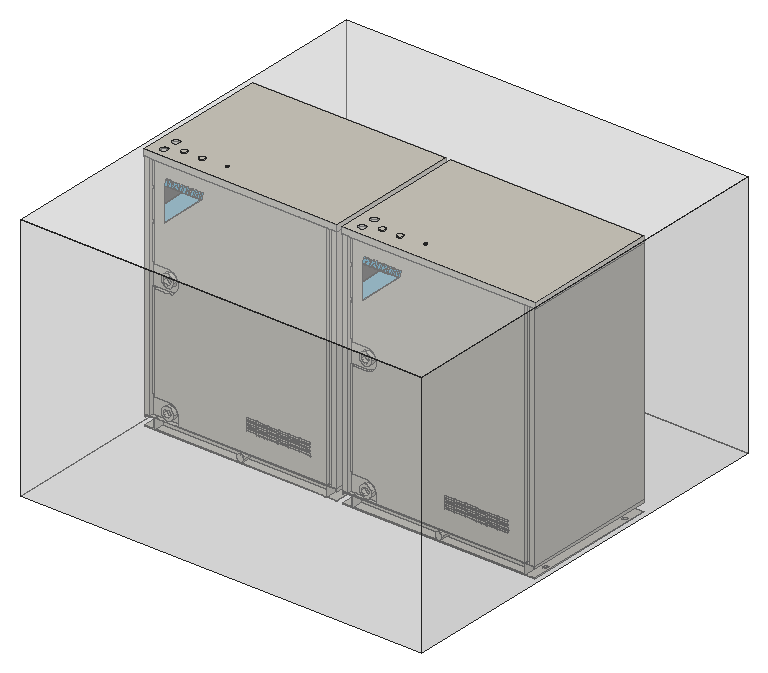
Revit family "outputfile", category 機械設備, Revit 2024
Family settings
  丸型コネクタ寸法 = 半径を使用
  種別 = なし
  パーツ タイプ = 標準
  OmniClass 番号 = 23.75.10.24.21.27.27
  OmniClass タイトル = Split System Air Conditioning Units
  作業面ベース = いいえ
  常に垂直 = はい
  ロード時にボイドで切り取り = いいえ
  注釈の向きを維持 = いいえ
  共有 = いいえ
  部屋計算ポイント = いいえ
Parameters (values of type "RWEYQ20TY14")
  製造元 = "Daikin"
  書き出し IFC クラス(タイプ) = "IfcUnitaryEquipmentType"
  定義済み IFC タイプ(タイプ) = "AIRCONDITIONINGUNIT"
  モデル = "RWEYQ20TY14"
  w_unit2 = 780.0 mm
  w_unit1 = 780.0 mm
  switch_unit2_6-8 [instance] = if(Reverse_ModuleSequence, if(default_unit1 = 1, 1 = 1, 1 = 0), if(default_unit2 = 1, 1 = 1, 1 = 0))  # no
  switch_unit2_12 [instance] = if(Reverse_ModuleSequence, if(default_unit1 = 3, 1 = 1, 1 = 0), if(default_unit2 = 3, 1 = 1, 1 = 0))  # no
  switch_unit2_10 [instance] = if(Reverse_ModuleSequence, if(default_unit1 = 2, 1 = 1, 1 = 0), if(default_unit2 = 2, 1 = 1, 1 = 0))  # yes
  switch_unit1_6-8 [instance] = if(Reverse_ModuleSequence, if(default_unit2 = 1, 1 = 1, 1 = 0), if(default_unit1 = 1, 1 = 1, 1 = 0))  # no
  switch_unit1_12 [instance] = if(Reverse_ModuleSequence, if(default_unit2 = 3, 1 = 1, 1 = 0), if(default_unit1 = 3, 1 = 1, 1 = 0))  # no
  switch_unit1_10 [instance] = if(Reverse_ModuleSequence, if(default_unit2 = 2, 1 = 1, 1 = 0), if(default_unit1 = 2, 1 = 1, 1 = 0))  # yes
  rangle_Drain [instance] = if(Rear Connection_Drain, 180.00°, 0.00°)  # 0.00°
  r_Water Outlet Pipe Connection_unit2 [instance] = Water Outlet Pipe Connection_Unit2 / 2  # 15.9 mm
  r_Water Outlet Pipe Connection_unit1 [instance] = Water Outlet Pipe Connection_Unit1 / 2  # 15.9 mm
  r_Water Inlet Pipe Connection_unit2 [instance] = Water Inlet Pipe Connection_Unit2 / 2  # 15.9 mm
  r_Water Inlet Pipe Connection_unit1 [instance] = Water Inlet Pipe Connection_Unit1 / 2  # 15.9 mm
  r_Liquid Pipe Size_unit2 [instance] = Liquid Pipe Size_Unit 2 / 2  # 4.75 mm
  r_HP/LP Gas Pipe Size_unit2 [instance] = [HP/LP Gas Pipe Size_Unit 2] / 2  # 11.1 mm
  r_HP/LP Gas Pipe Size_unit1 [instance] = [HP/LP Gas Pipe Size_Unit 1] / 2  # 11.1 mm
  r_Gas Pipe Size_unit2 [instance] = Gas Pipe Size_Unit 2 / 2  # 11.1 mm
  r_Drain Pipe Size = Drain Pipe Size / 2  # 6.35 mm
  lw_powersupply2 = 51.0 mm
  lw_liquidpipe2 = 274.0 mm
  lw_gaspipe2 [instance] = if(Heat Pump, 107.0 mm, 178.0 mm)  # 107.0 mm
  lw_Water Outlet2 = 95.0 mm
  lw_Water Outlet1 = 95.0 mm
  lw_Water Inlet2 = 95.0 mm
  lw_Water Inlet1 = 95.0 mm
  lw_HP/LP Gas Pipe2 [instance] = if(Heat Pump, 178.0 mm, 107.0 mm)  # 178.0 mm
  lw_HP/LP Gas Pipe1 [instance] = if(Heat Pump, 178.0 mm, 107.0 mm)  # 178.0 mm
  lw_Drain2 = 390.0 mm
  lw_Drain1 = 390.0 mm
  ld_HP/LP Gas Pipe = 69.0 mm
  h_mountinghole = [h_***] + 2.3 mm  # 2.3 mm
  r_Liquid Pipe Size_unit1 [instance] = Liquid Pipe Size_Unit 1 / 2  # 4.75 mm
  r_Gas Pipe Size_unit1 [instance] = Gas Pipe Size_Unit 1 / 2  # 11.1 mm
  distance_unit1-2 [instance] = 20.0 mm
  default_unit2 = 2
  default_unit1 = 2
  default_Water Outlet Pipe Connection_Unit 2 = 31.8 mm
  default_Water Outlet Pipe Connection_Unit 1 = 31.8 mm
  default_Water Inlet Pipe Connection_Unit 2 = 31.8 mm
  default_Water Inlet Pipe Connection_Unit 1 = 31.8 mm
  default_Model_Unit 2 = "RWEYQ10TY14"
  default_Model_Unit 1 = "RWEYQ10TY14"
  default_Liquid Pipe Size_Unit 2 = 9.5 mm
  default_Liquid Pipe Size_Unit 1 = 9.5 mm
  default_HP/LP Gas Pipe Size_Unit 2 [instance] = if(and(Heat Pump, [switch_unit2_6-8]), 19.1 mm, if(and(Heat Pump, switch_unit2_10), 22.2 mm, if(and(Heat Pump, switch_unit2_12), 22.2 mm, if(and(Heat Recovery, [switch_unit2_6-8]), 15.9 mm, if(and(Heat Recovery, switch_unit2_10), 19.1 mm, if(and(Heat Recovery, switch_unit2_12), 19.1 mm, 19.1 mm))))))  # 22.2 mm
  default_HP/LP Gas Pipe Size_Unit 1 [instance] = if(and(Heat Pump, [switch_unit1_6-8]), 19.1 mm, if(and(Heat Pump, switch_unit1_10), 22.2 mm, if(and(Heat Pump, switch_unit1_12), 22.2 mm, if(and(Heat Recovery, [switch_unit1_6-8]), 15.9 mm, if(and(Heat Recovery, switch_unit1_10), 19.1 mm, if(and(Heat Recovery, switch_unit1_12), 19.1 mm, 19.1 mm))))))  # 22.2 mm
  default_Gas Pipe Size_Unit 2 = 22.2 mm
  default_Gas Pipe Size_Unit 1 = 22.2 mm
  Water Outlet Pipe Connection_Unit2 [instance] = if(Reverse_ModuleSequence, default_Water Inlet Pipe Connection_Unit 1, default_Water Inlet Pipe Connection_Unit 2)  # 31.8 mm
  Water Outlet Pipe Connection_Unit1 [instance] = if(Reverse_ModuleSequence, default_Water Outlet Pipe Connection_Unit 2, default_Water Outlet Pipe Connection_Unit 1)  # 31.8 mm
  Water Inlet Pipe Connection_Unit2 [instance] = if(Reverse_ModuleSequence, default_Water Outlet Pipe Connection_Unit 1, default_Water Outlet Pipe Connection_Unit 2)  # 31.8 mm
  Water Inlet Pipe Connection_Unit1 [instance] = if(Reverse_ModuleSequence, default_Water Inlet Pipe Connection_Unit 2, default_Water Inlet Pipe Connection_Unit 1)  # 31.8 mm
  Voltage_comment_50Hz = "380-415"
  Voltage_50Hz = 400 V
  Top Connection_powersupply2 [instance] = not(Top Connection_powersupply1)  # no
  Sound Power Level (dB) = 74
  Reverse_ModuleSequence [instance] = no
  Rear Connection_Drain [instance] = not(Front Connection_Drain)  # no
  Power Input (Heating) = 11.200 kW
  Phase_50Hz = 3
  Nominal Heating Capacity = 63.000 kW
  Model_Unit 2 [instance] = if(Reverse_ModuleSequence, default_Model_Unit 1, default_Model_Unit 2)  # "RWEYQ10TY14"
  Model_Unit 1 [instance] = if(Reverse_ModuleSequence, default_Model_Unit 2, default_Model_Unit 1)  # "RWEYQ10TY14"
  Minimum Circuit Amps_50Hz = 27.3 A
  Maximum Fuse Amps_50Hz = 35.0 A
  Material_Heat Exchanger = DAIKIN_Blue_HE_outdoorunit
  Material_Casing = DAIKIN_IvoryWhite_Casing_outdoorunit
  lw_powersupply1 = 51.0 mm
  lw_liquidpipe1 = 274.0 mm
  lw_gaspipe1 [instance] = if(Heat Pump, 107.0 mm, 178.0 mm)  # 107.0 mm
  lh_powersupply = 940.0 mm
  ld_powersupply [instance] = if(Top Connection_powersupply1, 38.0 mm, 98.0 mm)  # 38.0 mm
  ld_liquidpipe = 79.0 mm
  ld_gaspipe = 69.0 mm
  h_*** = 0.0 mm
  Width [instance] = [distance_unit1-2] + w_unit1 + w_unit2  # 1580.0 mm
  Version = "ver.1.0"
  Unit Type = ""
  Unit Mass Weight = 294.00 kg
  Unit Designation [instance] = ""
  Uniclass2015Version = "Products v1.30"
  Uniclass2015Title = "Variable refrigerant flow units"
  Uniclass2015Code = "Pr_70_65_03_94"
  Total Cooling Capacity [instance] = 0.000 kW
  Sound Pressure Level (dBA) = 54
  Series = "VRV Heat Recovery"
  Refrigerant_Base Charge = 8.400 kg
  Refrigerant_Additional Charge [instance] = 0.000 kg
  Refrigerant Type = "R410A"
  Power Input (Cooling) = 10.900 kW
  Option Accessory 3 [instance] = ""
  Option Accessory 2 [instance] = ""
  Option Accessory 1 [instance] = ""
  Nominal Cooling Capacity = 56.000 kW
  Load Classification = HVAC
  Liquid Pipe Size_Unit 2 [instance] = if(Reverse_ModuleSequence, default_Liquid Pipe Size_Unit 1, default_Liquid Pipe Size_Unit 2)  # 9.5 mm
  Liquid Pipe Size_Unit 1 [instance] = if(Reverse_ModuleSequence, default_Liquid Pipe Size_Unit 2, default_Liquid Pipe Size_Unit 1)  # 9.5 mm
  Link_Nested Family [instance] = ""
  IfcVersion = ""
  IfcExportType = "AIRCONDITIONINGUNIT"
  IfcExportAs = "IfcUnitaryEquipmentType"
  Height = 1000.0 mm
  Heat Recovery [instance] = not(Heat Pump)  # no
  Heat Pump [instance] = yes
  Heat Exchanger Type = "Stainless Steel Plate"
  HP/LP Gas Pipe Size_Unit 2 [instance] = [default_HP/LP Gas Pipe Size_Unit 2]  # 22.2 mm
  HP/LP Gas Pipe Size_Unit 1 [instance] = [default_HP/LP Gas Pipe Size_Unit 1]  # 22.2 mm
  Gas Pipe Size_Unit 2 [instance] = if(Reverse_ModuleSequence, default_Gas Pipe Size_Unit 1, default_Gas Pipe Size_Unit 2)  # 22.2 mm
  Gas Pipe Size_Unit 1 [instance] = if(Reverse_ModuleSequence, default_Gas Pipe Size_Unit 2, default_Gas Pipe Size_Unit 1)  # 22.2 mm
  Top Connection_powersupply1 [instance] = yes
  Front Connection_Drain [instance] = yes
  Frequency_50Hz = 50 Hz
  Drain Pipe Size = 12.7 mm
  Depth = 550.0 mm
  既定の高さ = 0.0 mm
  Cooling Ambient Wet Bulb Temperature [instance] = 0.00 °C
  Cooling Ambient Dry Bulb Temperature [instance] = 0.00 °C
  Compressor Type = "Hermetically Sealed Scroll Type"
  Clearance visibility [instance] = yes
  Clearance Top = 0.0 mm
  Clearance Right = 20.0 mm
  Clearance Rear = 500.0 mm
  Clearance Left = 20.0 mm
  Clearance Front = 600.0 mm
  Clearance Bottom = 0.0 mm
  CU Tag No. [instance] = ""
Reference planes
  plane 1 "Center (Front/Back)": y = 0
  plane 2 "h_***": z = 0
  plane 3 "Center (Left/Right)": x = 0
  plane 4 "Back": y = 275
  plane 5 "Front": y = -275
  plane 6 "Left": x = -390
  plane 7 "w_unit1": x = 390
  plane 8 "Top": z = 1000
  plane 9 "Clearance Rear": y = 775
  plane 10 "Clearance Front": y = -875
  plane 11 "Clearance Left": x = -410
  plane 12 "Clearance Right": x = 1210
  plane 13 "Clearance Top": z = 1000
  plane 14 "Clearance Bottom": z = 0
  plane 15 "Bottom": z = 0
  plane 16 "lw_powersupply1": x = -339
  plane 17 "ld_powersupply": y = -237
  plane 18 "lw_liquidpipe1": x = -116
  plane 19 "Rear Connection_refrigetant": y = -196
  plane 20 "lw_gaspipe1": x = -283
  plane 21 "ld_gaspipe": y = -206
  plane 22 "lh_logo": z = 900
  plane 23 "lw_logo": x = 100
  plane 24 "lh_powersupply": z = 940
  plane 25 "lw_HP/LP Gas Pipe1": x = -212
  plane 26 "ld_HP/LP Gas Pipe": y = -206
  plane 27 "l_unit2": x = 410
  plane 28 "Right": x = 1190
  plane 29 "lw_powersupply2": x = 461
  plane 30 "lw_liquidpipe2": x = 684
  plane 31 "lw_gaspipe2": x = 517
  plane 32 "lw_HP/LP Gas Pipe2": x = 588
  plane 33 "lw_Water Inlet1": x = -295
  plane 34 "lw_Water Inlet2": x = 505
  plane 35 "lw_Water Outlet1": x = -295
  plane 36 "lw_Water Outlet2": x = 505
  plane 37 "lw_Drain1": x = 0
  plane 38 "lw_Drain2": x = 800
Dimensions and locks
  equal spacing: plane 4 "Back", plane 1 "Center (Front/Back)", plane 5 "Front"
  "Depth": plane 4 "Back" to plane 5 "Front"
  equal spacing: plane 6 "Left", plane 3 "Center (Left/Right)", plane 7 "w_unit1"
  "w_unit1": plane 6 "Left" to plane 7 "w_unit1"
  "Clearance Rear": plane 9 "Clearance Rear" to plane 4 "Back"
  "Clearance Front": plane 10 "Clearance Front" to plane 5 "Front"
  "Clearance Left": plane 11 "Clearance Left" to plane 6 "Left"
  "Clearance Top": plane 13 "Clearance Top" to plane 8 "Top"
  "h_***": plane 15 "Bottom" to plane 2 "h_***"
  "Height": plane 8 "Top" to plane 15 "Bottom"
  "Clearance Bottom": plane 15 "Bottom" to plane 14 "Clearance Bottom"
  "ld_powersupply": plane 17 "ld_powersupply" to plane 5 "Front"
  "ld_liquidpipe": plane 19 "Rear Connection_refrigetant" to plane 5 "Front"
  "ld_gaspipe": plane 21 "ld_gaspipe" to plane 5 "Front"
  locked: plane 23 "lw_logo" to plane 7 "w_unit1" at 290
  locked: plane 22 "lh_logo" to plane 15 "Bottom" at 900
  "lw_gaspipe1": plane 6 "Left" to plane 20 "lw_gaspipe1"
  "lw_liquidpipe1": plane 6 "Left" to plane 18 "lw_liquidpipe1"
  "lw_powersupply1": plane 6 "Left" to plane 16 "lw_powersupply1"
  "lh_powersupply": plane 24 "lh_powersupply" to plane 15 "Bottom"
  "lw_HP/LP Gas Pipe1": plane 6 "Left" to plane 25 "lw_HP/LP Gas Pipe1"
  "ld_HP/LP Gas Pipe": plane 26 "ld_HP/LP Gas Pipe" to plane 5 "Front"
  "distance_unit1-2": plane 7 "w_unit1" to plane 27 "l_unit2"
  "Clearance Right": plane 28 "Right" to plane 12 "Clearance Right"
  "Width": plane 6 "Left" to plane 28 "Right"
  "lw_powersupply2": plane 27 "l_unit2" to plane 29 "lw_powersupply2"
  "lw_HP/LP Gas Pipe2": plane 27 "l_unit2" to plane 32 "lw_HP/LP Gas Pipe2"
  "lw_gaspipe2": plane 27 "l_unit2" to plane 31 "lw_gaspipe2"
  "lw_liquidpipe2": plane 27 "l_unit2" to plane 30 "lw_liquidpipe2"
  "lw_Water Inlet1": plane 6 "Left" to plane 33 "lw_Water Inlet1"
  "lw_Water Inlet2": plane 27 "l_unit2" to plane 34 "lw_Water Inlet2"
  "lw_Water Outlet1": plane 6 "Left" to plane 35 "lw_Water Outlet1"
  "lw_Water Outlet2": plane 27 "l_unit2" to plane 36 "lw_Water Outlet2"
  "lw_Drain1": plane 6 "Left" to plane 37 "lw_Drain1"
  "lw_Drain2": plane 27 "l_unit2" to plane 38 "lw_Drain2"
  aligned and locked: level to plane 2 "h_***"
  aligned and locked: plane 9 "Clearance Rear" to nested 2
  aligned and locked: nested 2 to plane 10 "Clearance Front"
  aligned and locked: plane 11 "Clearance Left" to nested 2
  aligned and locked: plane 12 "Clearance Right" to nested 2
  aligned and locked: plane 13 "Clearance Top" to nested 2
  aligned and locked: plane 14 "Clearance Bottom" to nested 2
  aligned and locked: plane 8 "Top" to nested 1
  aligned and locked: plane 22 "lh_logo" to nested 7
  aligned and locked: nested 8 to plane 16 "lw_powersupply1"
  aligned and locked: nested 9 to plane 20 "lw_gaspipe1"
  aligned and locked: nested 10 to plane 18 "lw_liquidpipe1"
  aligned and locked: nested 10 to plane 19 "Rear Connection_refrigetant"
  aligned and locked: nested 9 to plane 21 "ld_gaspipe"
  aligned and locked: nested 8 to plane 17 "ld_powersupply"
  aligned and locked: plane 5 "Front" to nested 7
  aligned and locked: plane 24 "lh_powersupply" to nested 8
  aligned and locked: plane 27 "l_unit2" to nested 11
  aligned and locked: nested 17 to plane 29 "lw_powersupply2"
  aligned and locked: nested 17 to plane 17 "ld_powersupply"
  aligned and locked: nested 18 to plane 31 "lw_gaspipe2"
  aligned and locked: nested 18 to plane 26 "ld_HP/LP Gas Pipe"
  aligned and locked: plane 1 "Center (Front/Back)" to nested 20
  aligned and locked: plane 33 "lw_Water Inlet1" to nested 20
  aligned and locked: plane 1 "Center (Front/Back)" to nested 21
  aligned and locked: plane 1 "Center (Front/Back)" to nested 22
  aligned and locked: plane 1 "Center (Front/Back)" to nested 23
  aligned and locked: plane 1 "Center (Front/Back)" to nested 24
  aligned and locked: plane 1 "Center (Front/Back)" to nested 25
  aligned and locked: plane 34 "lw_Water Inlet2" to nested 21
  aligned and locked: plane 35 "lw_Water Outlet1" to nested 22
  aligned and locked: plane 36 "lw_Water Outlet2" to nested 23
  aligned and locked: plane 37 "lw_Drain1" to nested 24
  aligned and locked: plane 38 "lw_Drain2" to nested 25
  aligned and locked: plane 25 "lw_HP/LP Gas Pipe1" to nested 26
  aligned and locked: plane 32 "lw_HP/LP Gas Pipe2" to nested 27
  aligned and locked: nested 26 to plane 26 "ld_HP/LP Gas Pipe"
  aligned and locked: nested 27 to plane 26 "ld_HP/LP Gas Pipe"
Nested families
  nested 1: "DAIKIN_outdoorunit_RWEYQ-TY14" at (-31, 0, 0), h_*** <- "h_***", Link_Nest <- "Link_Nested Family", h_mountinghole <- "h_mountinghole", Width <- "w_unit1", switch_unit1_6-8 <- "switch_unit1_6-8", switch_unit1_10 <- "switch_unit1_10", switch_unit1_12 <- "switch_unit1_12", type "RWEYQ-TY14"
    with switch_unit1_6-8 no, switch_unit1_12 no, switch_unit1_10 yes, show_fixedhole yes, h_mountinghole 2.3 mm, h_antenna_mountinghole 998.7 mm, h_*** 0.0 mm, array_bolt 5, Width 780.0 mm, Liquid Pipe Size_Unit 1 9.5 mm, Link_Nest "", HP/LP Pipe Size_Unit 1 22.2 mm, Gas Pipe Size_Unit 1_L 107.0 mm, Gas Pipe Size_Unit 1 22.2 mm
  nested 2: "daikin_clearancespace" at (400, -50, 500.119), visible <- "Clearance visibility", show <- "Clearance visibility", Link_Nested Family <- "Link_Nested Family", type "daikin_clearancespace"
    with width 1620.0 mm, show yes, height 1000.0 mm, depth 1650.0 mm, Link_Nested Family ""
  nested 3: "daikin_mountinghole" at (-372, 200, 0), type "daikin_mountinghole"
    with show yes, l_antenna 998.7 mm, h_mountinghole 2.3 mm, Link_Nested Family ""
  nested 4: "daikin_mountinghole" at (372, 200, 0), type "daikin_mountinghole"
    with show yes, l_antenna 998.7 mm, h_mountinghole 2.3 mm, Link_Nested Family ""
  nested 5: "daikin_mountinghole" at (-372, -200, 0), type "daikin_mountinghole"
    with show yes, l_antenna 998.7 mm, h_mountinghole 2.3 mm, Link_Nested Family ""
  nested 6: "daikin_mountinghole" at (372, -200, 0), type "daikin_mountinghole"
    with show yes, l_antenna 998.7 mm, h_mountinghole 2.3 mm, Link_Nested Family ""
  nested 7: "daikin_logo_elevation_w150" at (-212.5, -275, 744.568), type "daikin_logo_elevation_w150"
    with show_logo yes
  nested 8: "daikin_connector_rotate3" at (-339, -237, 940) x (-1, 0, 0) z (0, 0, -1), type "daikin_connector_rotate3"
    with show no, radius 10.0 mm, length 60.0 mm, angle_vertical 0.00°, angle_horizontal 0.00°
  nested 9: "daikin_connector_rotate3" at (-283, -206, 940) x (-1, 0, 0) z (0, 0, -1), radius <- "r_Gas Pipe Size_unit1", type "daikin_connector_rotate3"
    with show no, radius 11.1 mm, length 60.0 mm, angle_vertical 0.00°, angle_horizontal 0.00°
  nested 10: "daikin_connector_rotate3" at (-116, -196, 940) x (-1, 0, 0) z (0, 0, -1), radius <- "r_Liquid Pipe Size_unit1", type "daikin_connector_rotate3"
    with show no, radius 4.75 mm, length 60.0 mm, angle_vertical 0.00°, angle_horizontal 0.00°
  nested 11: "DAIKIN_outdoorunit_RWEYQ-TY14" at (769, 0, 0), Width <- "w_unit2", switch_unit1_6-8 <- "switch_unit2_6-8", switch_unit1_10 <- "switch_unit2_10", switch_unit1_12 <- "switch_unit2_12", type "RWEYQ-TY14"
    with switch_unit1_6-8 no, switch_unit1_12 no, switch_unit1_10 yes, show_fixedhole yes, h_mountinghole 2.3 mm, h_antenna_mountinghole 998.7 mm, h_*** 0.0 mm, array_bolt 5, Width 780.0 mm, Liquid Pipe Size_Unit 1 9.5 mm, Link_Nest "", HP/LP Pipe Size_Unit 1 22.2 mm, Gas Pipe Size_Unit 1_L 107.0 mm, Gas Pipe Size_Unit 1 22.2 mm
  nested 12: "daikin_mountinghole" at (428, 200, 0), type "daikin_mountinghole"
    with show yes, l_antenna 998.7 mm, h_mountinghole 2.3 mm, Link_Nested Family ""
  nested 13: "daikin_mountinghole" at (1172, 200, 0), type "daikin_mountinghole"
    with show yes, l_antenna 998.7 mm, h_mountinghole 2.3 mm, Link_Nested Family ""
  nested 14: "daikin_mountinghole" at (428, -200, 0), type "daikin_mountinghole"
    with show yes, l_antenna 998.7 mm, h_mountinghole 2.3 mm, Link_Nested Family ""
  nested 15: "daikin_mountinghole" at (1172, -200, 0), type "daikin_mountinghole"
    with show yes, l_antenna 998.7 mm, h_mountinghole 2.3 mm, Link_Nested Family ""
  nested 16: "daikin_connector_rotate3" at (684, -196, 940) x (-1, 0, 0) z (0, 0, -1), radius <- "r_Liquid Pipe Size_unit2", type "daikin_connector_rotate3"
    with show no, radius 4.75 mm, length 60.0 mm, angle_vertical 0.00°, angle_horizontal 0.00°
  nested 17: "daikin_connector_rotate3" at (461, -237, 940) x (-1, 0, 0) z (0, 0, -1), type "daikin_connector_rotate3"
    with show no, radius 10.0 mm, length 60.0 mm, angle_vertical 0.00°, angle_horizontal 0.00°
  nested 18: "daikin_connector_rotate3" at (517, -206, 940) x (-1, 0, 0) z (0, 0, -1), radius <- "r_Gas Pipe Size_unit2", type "daikin_connector_rotate3"
    with show no, radius 11.1 mm, length 60.0 mm, angle_vertical 0.00°, angle_horizontal 0.00°
  nested 19: "daikin_logo_elevation_w150" at (587.5, -275, 744.568), type "daikin_logo_elevation_w150"
    with show_logo yes
  nested 20: "daikin_connector_rotate3" at (-295, 0, 76), radius <- "r_Water Inlet Pipe Connection_unit1", type "daikin_connector_rotate3"
    with show no, radius 15.9 mm, length 275.0 mm, angle_vertical 90.00°, angle_horizontal 0.00°
  nested 21: "daikin_connector_rotate3" at (505, 0, 76), radius <- "r_Water Inlet Pipe Connection_unit2", type "daikin_connector_rotate3"
    with show no, radius 15.9 mm, length 275.0 mm, angle_vertical 90.00°, angle_horizontal 0.00°
  nested 22: "daikin_connector_rotate3" at (-295, 0, 556), radius <- "r_Water Outlet Pipe Connection_unit1", type "daikin_connector_rotate3"
    with show no, radius 15.9 mm, length 275.0 mm, angle_vertical 90.00°, angle_horizontal 0.00°
  nested 23: "daikin_connector_rotate3" at (505, 0, 556), radius <- "r_Water Outlet Pipe Connection_unit2", type "daikin_connector_rotate3"
    with show no, radius 15.9 mm, length 275.0 mm, angle_vertical 90.00°, angle_horizontal 0.00°
  nested 24: "daikin_connector_rotate3" at (0, 0, 19), angle_horizontal <- "rangle_Drain", radius <- "r_Drain Pipe Size", type "daikin_connector_rotate3"
    with show no, radius 6.35 mm, length 275.0 mm, angle_vertical 90.00°, angle_horizontal 0.00°
  nested 25: "daikin_connector_rotate3" at (800, 0, 19), angle_horizontal <- "rangle_Drain", radius <- "r_Drain Pipe Size", type "daikin_connector_rotate3"
    with show no, radius 6.35 mm, length 275.0 mm, angle_vertical 90.00°, angle_horizontal 0.00°
  nested 26: "daikin_connector_rotate3" at (-212, -206, 940) x (1, 0, 0) z (0, 0, -1), radius <- "r_HP/LP Gas Pipe Size_unit1", type "daikin_connector_rotate3"
    with show no, radius 11.1 mm, length 60.0 mm, angle_vertical 0.00°, angle_horizontal 0.00°
  nested 27: "daikin_connector_rotate3" at (588, -206, 940) x (1, 0, 0) z (0, 0, -1), radius <- "r_HP/LP Gas Pipe Size_unit2", type "daikin_connector_rotate3"
    with show no, radius 11.1 mm, length 60.0 mm, angle_vertical 0.00°, angle_horizontal 0.00°
Connectors
  piping at (-116, -196, 1000), diameter 9.5, driven by "r_Liquid Pipe Size_unit1"
    settings: on nested 10, index 12, connector inside diameter 609.6 mm, connector length 0.0 mm, flow factor 0, pipe flow 0.00 m³/h, pressure drop 0.0 Pa, fitting loss kfactor 0, connector angle 0.00°, fixture units 0, engagement length 0.0 mm, angle of deflection 0.00°, flow configuration 0, flow direction 2, fitting loss method 0, system type 29, joint type 0, gender type 0, connector reference index -1, connector utility 0, adjustable connector no, is connector primary no, connector description "Refrigerant Liquid Piping1"
  electrical at (-339, -237, 1000), driven by "Load Classification"
    settings: on nested 8, index 13, voltage 0 V, apparent load 0 VA, apparent load phase1 0 VA, apparent load phase2 0 VA, apparent load phase3 0 VA, power factor 1, load classification "HVAC", number of poles 1, system type 30, power factor state 1, is connector primary yes, connector utility no, sub classification motor no, connector description "Power Supply1"
  piping at (684, -196, 1000), diameter 9.5, driven by "r_Liquid Pipe Size_unit2"
    settings: on nested 16, index 15, connector inside diameter 609.6 mm, connector length 0.0 mm, flow factor 0, pipe flow 0.00 m³/h, pressure drop 0.0 Pa, fitting loss kfactor 0, connector angle 0.00°, fixture units 0, engagement length 0.0 mm, angle of deflection 0.00°, flow configuration 0, flow direction 2, fitting loss method 0, system type 29, joint type 0, gender type 0, connector reference index -1, connector utility 0, adjustable connector no, is connector primary no, connector description "Refrigerant Liquid Piping2"
  electrical at (461, -237, 1000), driven by "Load Classification"
    settings: on nested 17, index 17, voltage 0 V, apparent load 0 VA, apparent load phase1 0 VA, apparent load phase2 0 VA, apparent load phase3 0 VA, power factor 1, load classification "HVAC", number of poles 1, system type 30, power factor state 1, is connector primary no, connector utility no, sub classification motor no, connector description "Power Supply2"
  piping at (-295, -275, 556), diameter 31.8, driven by "r_Water Outlet Pipe Connection_unit1"
    settings: on nested 22, index 19, connector inside diameter 609.6 mm, connector length 0.0 mm, flow factor 0, pipe flow 0.00 m³/h, pressure drop 0.0 Pa, fitting loss kfactor 0, connector angle 0.00°, fixture units 0, engagement length 0.0 mm, angle of deflection 0.00°, flow configuration 1, flow direction 2, fitting loss method 0, system type 8, joint type 0, gender type 0, connector reference index -1, connector utility 0, adjustable connector no, is connector primary no, connector description "Cooling Water Outlet Piping 1"
  piping at (-295, -275, 76), diameter 31.8, driven by "r_Water Inlet Pipe Connection_unit1"
    settings: on nested 20, index 20, connector inside diameter 609.6 mm, connector length 0.0 mm, flow factor 0, pipe flow 0.00 m³/h, pressure drop 0.0 Pa, fitting loss kfactor 0, connector angle 0.00°, fixture units 0, engagement length 0.0 mm, angle of deflection 0.00°, flow configuration 1, flow direction 1, fitting loss method 0, system type 7, joint type 0, gender type 0, connector reference index -1, connector utility 0, adjustable connector no, is connector primary no, connector description "Cooling Water Inlet  Piping 1"
  piping at (505, -275, 556), diameter 31.8, driven by "r_Water Outlet Pipe Connection_unit2"
    settings: on nested 23, index 21, connector inside diameter 609.6 mm, connector length 0.0 mm, flow factor 0, pipe flow 0.00 m³/h, pressure drop 0.0 Pa, fitting loss kfactor 0, connector angle 0.00°, fixture units 0, engagement length 0.0 mm, angle of deflection 0.00°, flow configuration 1, flow direction 2, fitting loss method 0, system type 8, joint type 0, gender type 0, connector reference index -1, connector utility 0, adjustable connector no, is connector primary no, connector description "Cooling Water Outlet Piping 2"
  piping at (505, -275, 76), diameter 31.8, driven by "r_Water Inlet Pipe Connection_unit2"
    settings: on nested 21, index 22, connector inside diameter 609.6 mm, connector length 0.0 mm, flow factor 0, pipe flow 0.00 m³/h, pressure drop 0.0 Pa, fitting loss kfactor 0, connector angle 0.00°, fixture units 0, engagement length 0.0 mm, angle of deflection 0.00°, flow configuration 1, flow direction 1, fitting loss method 0, system type 7, joint type 0, gender type 0, connector reference index -1, connector utility 0, adjustable connector no, is connector primary no, connector description "Cooling Water Inlet  Piping 2"
  piping at (0, -275, 19), diameter 12.7, driven by "r_Drain Pipe Size"
    settings: on nested 24, index 23, connector inside diameter 609.6 mm, connector length 0.0 mm, flow factor 0, pipe flow 0.00 m³/h, pressure drop 0.0 Pa, fitting loss kfactor 0, connector angle 0.00°, fixture units 0, engagement length 0.0 mm, angle of deflection 0.00°, flow configuration 1, flow direction 2, fitting loss method 4, system type 16, joint type 0, gender type 0, connector reference index -1, connector utility 0, adjustable connector no, is connector primary no, connector description "Condensate Drain Piping 1"
  piping at (800, -275, 19), diameter 12.7, driven by "r_Drain Pipe Size"
    settings: on nested 25, index 24, connector inside diameter 609.6 mm, connector length 0.0 mm, flow factor 0, pipe flow 0.00 m³/h, pressure drop 0.0 Pa, fitting loss kfactor 0, connector angle 0.00°, fixture units 0, engagement length 0.0 mm, angle of deflection 0.00°, flow configuration 1, flow direction 2, fitting loss method 4, system type 16, joint type 0, gender type 0, connector reference index -1, connector utility 0, adjustable connector no, is connector primary no, connector description "Condensate Drain Piping 2"
  piping at (-212, -206, 1000), diameter 22.2, driven by "r_HP/LP Gas Pipe Size_unit1"
    settings: on nested 26, index 27, connector inside diameter 609.6 mm, connector length 0.0 mm, flow factor 0, pipe flow 0.00 m³/h, pressure drop 0.0 Pa, fitting loss kfactor 0, connector angle 0.00°, fixture units 0, engagement length 0.0 mm, angle of deflection 0.00°, flow configuration 0, flow direction 0, fitting loss method 0, system type 29, joint type 0, gender type 0, connector reference index -1, connector utility 0, adjustable connector no, is connector primary no, connector description "Refrigerant HP/LP Gas Piping1"
  piping at (588, -206, 1000), diameter 22.2, driven by "r_HP/LP Gas Pipe Size_unit2"
    settings: on nested 27, index 28, connector inside diameter 609.6 mm, connector length 0.0 mm, flow factor 0, pipe flow 0.00 m³/h, pressure drop 0.0 Pa, fitting loss kfactor 0, connector angle 0.00°, fixture units 0, engagement length 0.0 mm, angle of deflection 0.00°, flow configuration 0, flow direction 0, fitting loss method 0, system type 29, joint type 0, gender type 0, connector reference index -1, connector utility 0, adjustable connector no, is connector primary no, connector description "Refrigerant HP/LP Gas Piping2"
  piping at (-283, -206, 1000), diameter 22.2, driven by "r_Gas Pipe Size_unit1"
    settings: on nested 9, index 29, connector inside diameter 609.6 mm, connector length 0.0 mm, flow factor 0, pipe flow 0.00 m³/h, pressure drop 0.0 Pa, fitting loss kfactor 0, connector angle 0.00°, fixture units 0, engagement length 0.0 mm, angle of deflection 0.00°, flow configuration 0, flow direction 1, fitting loss method 0, system type 29, joint type 0, gender type 0, connector reference index -1, connector utility 0, adjustable connector no, is connector primary yes, connector description "Refrigerant Gas Piping1"
  piping at (517, -206, 1000), diameter 22.2, driven by "r_Gas Pipe Size_unit2"
    settings: on nested 18, index 30, connector inside diameter 609.6 mm, connector length 0.0 mm, flow factor 0, pipe flow 0.00 m³/h, pressure drop 0.0 Pa, fitting loss kfactor 0, connector angle 0.00°, fixture units 0, engagement length 0.0 mm, angle of deflection 0.00°, flow configuration 0, flow direction 1, fitting loss method 0, system type 29, joint type 0, gender type 0, connector reference index -1, connector utility 0, adjustable connector no, is connector primary no, connector description "Refrigerant Gas Piping2"
Definition of nested family "DAIKIN_outdoorunit_RWEYQ-TY14"
  Parameters (values of type "RWEYQ-TY14")
    w_wiremesh_right = 668.0 mm  # constant formula
    w_wiremesh_left = 590.0 mm  # constant formula
    w_wiremesh_front = 248.0 mm  # constant formula
    switch_unit1_6-8 [instance] = no
    switch_unit1_12 [instance] = yes
    switch_unit1_10 [instance] = no
    show_fixedhole [instance] = yes
    material_heatexchanger = none
    material_casing = none
    ld_hole1_bottom = 154.0 mm  # constant formula
    h_wiremesh = 900.0 mm  # constant formula
    h_mountinghole [instance] = 2.3 mm
    h_antenna_mountinghole [instance] = Height + 1.0 mm - 2.3 mm  # 998.7 mm
    h_*** [instance] = 0.0 mm
    array_bolt [instance] = 5
    Width [instance] = 780.0 mm
    Liquid Pipe Size_Unit 1 [instance] = if([switch_unit1_6-8], 9.5 mm, if(switch_unit1_10, 9.5 mm, if(switch_unit1_12, 12.7 mm, 9.5 mm)))  # 12.7 mm
    Link_Nest [instance] = ""
    Height = 1000.0 mm
    Heat Recovery = not(Heat Pump)  # no
    Heat Pump = yes
    HP/LP Pipe Size_Unit 1_L = if(Heat Pump, 178.0 mm, 107.0 mm)  # 178.0 mm
    HP/LP Pipe Size_Unit 1 [instance] = if(Heat Recovery, if([switch_unit1_6-8], 15.9 mm, if(switch_unit1_10, 19.1 mm, if(switch_unit1_12, 19.1 mm, 15.9 mm))), if([switch_unit1_6-8], 19.1 mm, if(switch_unit1_10, 22.2 mm, if(switch_unit1_12, 22.2 mm, 19.1 mm))))  # 22.2 mm
    Gas Pipe Size_Unit 1_L [instance] = if(Heat Pump, 107.0 mm, 178.0 mm)  # 107.0 mm
    Gas Pipe Size_Unit 1_H = 60.0 mm  # constant formula
    Gas Pipe Size_Unit 1 [instance] = if([switch_unit1_6-8], 19.1 mm, if(switch_unit1_10, 22.2 mm, if(switch_unit1_12, 22.2 mm, 19.1 mm)))  # 22.2 mm
    Depth = 550.0 mm
    Default Elevation = 0.0 mm
  Reference planes
    plane 1 "Center (Front/Back)": y = 0
    plane 2 "reference_level": z = 0
    plane 3 "Center (Left/Right)": x = 31
    plane 4 "Bottom": z = 0
    plane 5: x = 421
    plane 6: x = -359
    plane 7 "Back": y = 275
    plane 8 "Front": y = -275
    plane 9: z = 1000
    plane 10: z = 976
    plane 11: y = -255
    plane 12: y = 255
    plane 13: x = -337
    plane 14: x = 399
    plane 15: x = -341
    plane 16: z = 45
    plane 17: x = 403
    plane 18: y = 200
    plane 19: y = -200
    plane 20: z = 1060
    plane 21: z = 19
    plane 22: z = 1000
    plane 23: z = 940
  Forms (mm)
    Extrusion 1, solid, material <- "material_heatexchanger"
      sketch origin (0, 0, 0) x (1, 0, 0) y (0, 1, 0)
        loop
          line (-337, 255) -> (-337, -255) -> (399, -255) -> (399, 255) -> (-337, 255)
      from 54 to 976
    Extrusion 2, void
      sketch origin (0, 350, 0) x (1, 0, 0) y (0, 1, 0)
        loop
          circle (-341, -150) r 8.5
        loop
          circle (403, -150) r 8.5
        loop
          circle (403, -550) r 8.5
        loop
          circle (-341, -550) r 8.5
      from 0 to 29.064
    Extrusion 3, solid, material <- "material_casing"
      sketch origin (620, -305, 0) x (-1, 0, 0) y (0, 0, 1)
        loop
          line (204.3, 35.061) -> (204.3, 42.7) -> (239.7, 42.7) -> (239.7, 2.3) -> (201, 2.3) -> (201, 0) -> (242, 0) -> (242, 45) -> (201, 45) -> (201, 35.061) -> (204.3, 35.061)
        loop
          line (973.7, 35.061) -> (977, 35.061) -> (977, 45) -> (936, 45) -> (936, 0) -> (977, 0) -> (977, 2.3) -> (938.3, 2.3) -> (938.3, 42.7) -> (973.7, 42.7) -> (973.7, 35.061)
      from 30 to 580
    Extrusion 4, solid, material <- "material_casing"
      sketch origin (31, 0, 0) x (0, 1, 0) y (0, 0, 1)
        loop
          line (-275, 45) -> (-275, 42.7) -> (-236.3, 42.7) -> (-236.3, 2.3) -> (-275, 2.3) -> (-275, 0) -> (-234, 0) -> (-234, 45) -> (-275, 45)
        loop
          line (275, 45) -> (234, 45) -> (234, 0) -> (275, 0) -> (275, 2.3) -> (236.3, 2.3) -> (236.3, 42.7) -> (275, 42.7) -> (275, 45)
      from -347 to 347
    Extrusion 5, solid, material <- "material_casing"
      sketch origin (0, 0, 0) x (1, 0, 0) y (0, 1, 0)
        loop
          circle (-85, -196) r 6.35
        loop
          circle (-181, -206) r 11.1
      from 940 to 1000
    Extrusion 6, solid, material <- "material_casing"
      sketch origin (-663.497, -190, 1200) x (-1, 0, 0) y (0, 0, 1)
        loop
          circle (-694.497, -1181) r 14
      from -85 to -46.3
    Extrusion 7, solid, material <- "material_casing"
      sketch origin (-663.497, 321.3, 1200) x (-1, 0, 0) y (0, 0, 1)
        loop
          circle (-694.497, -1181) r 14
      from -85 to -46.3
    Extrusion 8, solid, material <- "material_casing"
      sketch origin (0, -500, 0) x (1, 0, 0) y (0, 1, 0)
        loop
          circle (-252, 294) r 11.1
      from 940 to 1000
  Cuts and joins
    Extrusion 2 cuts Extrusion 3
  Dimensions and locks
    equal spacing: plane 6, plane 3 "Center (Left/Right)", plane 5
    "Width": plane 6 to plane 5
    locked: plane 9 to plane 10 at 24
    "Depth": plane 8 "Front" to plane 7 "Back"
    equal spacing: plane 7 "Back", plane 1 "Center (Front/Back)", plane 8 "Front"
    locked: plane 12 to plane 7 "Back" at 20
    locked: plane 11 to plane 8 "Front" at 20
    locked: plane 6 to plane 13 at 22
    locked: plane 14 to plane 5 at 22
    locked: plane 6 to plane 15 at 18
    "h_***": plane 4 "Bottom" to plane 2 "reference_level"
    locked: plane 16 to plane 4 "Bottom" at 45
    "Height": plane 9 to plane 4 "Bottom"
    locked: plane 5 to Extrusion 3 sketch curve at 2  (x2)
    locked: Extrusion 3 sketch curve to Extrusion 3 sketch curve at 41  (x2)
    locked: Extrusion 3 sketch curve to Extrusion 3 sketch curve at 3.3  (x2)
    locked: Extrusion 3 sketch curve to plane 6 at 2  (x2)
    locked: plane 8 "Front" to Extrusion 4 sketch curve at 41
    locked: Extrusion 4 sketch curve to plane 7 "Back" at 41
    locked: plane 17 to plane 5 at 18
    plane 19 to plane 8 "Front" = 75.0 mm
    locked: plane 18 to plane 7 "Back" at 75
    locked: Extrusion 5 sketch curve to plane 8 "Front" at 79
    locked: plane 6 to Extrusion 5 sketch curve at 274
    "HP/LP Pipe Size_Unit 1_L": plane 6 to Extrusion 5 sketch curve
    locked: Extrusion 5 sketch curve to plane 8 "Front" at 69
    locked: plane 20 to plane 9 at 60
    locked: plane 21 to plane 4 "Bottom" at 19
    "Gas Pipe Size_Unit 1_L": plane 6 to Extrusion 8 sketch curve
    locked: Extrusion 8 sketch curve to plane 8 "Front" at 69
    "Gas Pipe Size_Unit 1_H": plane 20 to plane 22
    locked: plane 22 to plane 23 at 60
    "HP/LP Pipe Size_Unit 1": diameter of Extrusion 5 sketch curve
    "Liquid Pipe Size_Unit 1": diameter of Extrusion 5 sketch curve
    "Gas Pipe Size_Unit 1": diameter of Extrusion 8 sketch curve
    aligned and locked: level to plane 2 "reference_level"
    aligned and locked: plane 12 to Extrusion 1 sketch curve
    aligned and locked: plane 11 to Extrusion 1 sketch curve
    aligned and locked: plane 13 to Extrusion 1 sketch curve
    aligned and locked: plane 14 to Extrusion 1 sketch curve
    aligned and locked: plane 10 to Extrusion 1
    aligned and locked: plane 11 to nested 1
    aligned and locked: plane 10 to nested 4
    aligned and locked: nested 5 to plane 9
    aligned and locked: plane 10 to nested 3
    aligned and locked: plane 10 to nested 2
    aligned and locked: plane 13 to nested 4
    aligned and locked: plane 14 to nested 2
    aligned and locked: plane 12 to nested 3
    aligned and locked: plane 15 to nested 7
    aligned and locked: plane 15 to nested 9
    aligned and locked: plane 8 "Front" to nested 5
    aligned and locked: plane 6 to nested 5
    aligned and locked: plane 10 to nested 1
    aligned and locked: plane 13 to nested 1
    aligned and locked: nested 2 to plane 1 "Center (Front/Back)"
    aligned and locked: nested 3 to plane 3 "Center (Left/Right)"
    aligned and locked: plane 1 "Center (Front/Back)" to nested 4
    aligned and locked: nested 6 to plane 3 "Center (Left/Right)"
    aligned and locked: plane 1 "Center (Front/Back)" to nested 6
    aligned and locked: plane 16 to Extrusion 3 sketch curve
    aligned and locked: Extrusion 3 sketch curve to plane 4 "Bottom"
    aligned and locked: Extrusion 3 sketch curve to plane 16
    aligned and locked: plane 4 "Bottom" to Extrusion 3 sketch curve
    aligned and locked: Extrusion 3 to plane 7 "Back"
    aligned and locked: Extrusion 3 to plane 8 "Front"
    aligned and locked: plane 8 "Front" to Extrusion 4 sketch curve  (x2)
    aligned and locked: plane 4 "Bottom" to Extrusion 4 sketch curve
    aligned and locked: Extrusion 4 sketch curve to plane 16
    aligned and locked: Extrusion 4 sketch curve to plane 7 "Back"  (x2)
    aligned and locked: plane 18 to Extrusion 2 sketch curve  (x2)
    aligned and locked: plane 15 to Extrusion 2 sketch curve  (x2)
    aligned and locked: plane 17 to Extrusion 2 sketch curve  (x2)
    aligned and locked: plane 17 to nested 8
    aligned and locked: plane 18 to nested 8
    aligned and locked: plane 18 to nested 7
    aligned and locked: nested 7 to plane 15
    aligned and locked: nested 9 to plane 19
    aligned and locked: nested 9 to plane 15
    aligned and locked: nested 10 to plane 19
    aligned and locked: plane 17 to nested 10
    aligned and locked: plane 19 to Extrusion 2 sketch curve  (x2)
    aligned and locked: plane 3 "Center (Left/Right)" to Extrusion 6 sketch curve
    aligned and locked: plane 21 to Extrusion 6 sketch curve
    aligned and locked: plane 22 to Extrusion 8
    aligned and locked: Extrusion 8 to plane 22
    aligned and locked: Extrusion 8 to plane 23
    aligned and locked: Extrusion 5 to plane 23
    aligned and locked: Extrusion 5 to plane 22
  Automatic sketch dimensions
    Extrusion 3 sketch curve to Extrusion 3 sketch curve = 2.3 mm  (x2)
    level to Extrusion 3 sketch curve = 2.3 mm  (x2)
    Extrusion 3 sketch curve to plane 16 = 9.939 mm  (x2)
    Extrusion 3 sketch curve to plane 16 = 2.3 mm  (x2)
    Extrusion 4 sketch curve to level = 0.0 mm
    Extrusion 4 sketch curve to plane 16 = 0.0 mm
    Extrusion 4 sketch curve to Extrusion 4 sketch curve = 2.3 mm  (x2)
    level to Extrusion 4 sketch curve = 2.3 mm  (x2)
    Extrusion 4 sketch curve to plane 16 = 2.3 mm  (x2)
    Extrusion 7 sketch curve to plane 3 "Center (Left/Right)" = 0.0 mm
    Extrusion 7 sketch curve to plane 21 = 0.0 mm
    radius of Extrusion 2 sketch curve = 8.5 mm  (x4)
    radius of Extrusion 6 sketch curve = 14.0 mm
    radius of Extrusion 7 sketch curve = 14.0 mm
  Nested families
    nested 1: "outdoorunit_frontpanel" at (-337, -265, 45), material <- "material_casing", type "frontpanel1"
      with material none
    nested 2: "outdoorunit_rightpanel1" at (409, -275, 45) x (0, 1, 0) z (0, 0, 1), material <- "material_casing", type "frontpanel1"
      with material none
    nested 3: "outdoorunit_backpanel" at (399, 265, 45) x (-1, 0, 0) z (0, 0, 1), material <- "material_casing", type "frontpanel1"
      with material none
    nested 4: "outdoorunit_leftpanel" at (-347, 275, 45) x (0, -1, 0) z (0, 0, 1), material <- "material_casing", type "frontpanel1"
      with material none
    nested 5: "outdoorunit_uppanel" at (-359, -275, 988) x (1, 0, 0) z (0, 1, 0), material <- "material_casing", type "frontpanel1"
      with material none
    nested 6: "outdoorunit_downpanel" at (399, 255, 56) x (-1, 0, 0) z (0, -1, 0), material <- "material_casing", type "frontpanel1"
      with material none
    nested 7: "daikin_mountinghole" at (-341, 200, 0), visible <- "show_fixedhole", Link_Nested Family <- "Link_Nest", l_antenna <- "h_antenna_mountinghole", h_mountinghole <- "h_mountinghole", type "daikin_mountinghole"
      with show yes, l_antenna 998.7 mm, h_mountinghole 2.3 mm, Link_Nested Family ""
    nested 8: "daikin_mountinghole" at (403, 200, 0), visible <- "show_fixedhole", Link_Nested Family <- "Link_Nest", l_antenna <- "h_antenna_mountinghole", h_mountinghole <- "h_mountinghole", type "daikin_mountinghole"
      with show yes, l_antenna 998.7 mm, h_mountinghole 2.3 mm, Link_Nested Family ""
    nested 9: "daikin_mountinghole" at (-341, -200, 0), visible <- "show_fixedhole", Link_Nested Family <- "Link_Nest", l_antenna <- "h_antenna_mountinghole", h_mountinghole <- "h_mountinghole", type "daikin_mountinghole"
      with show yes, l_antenna 998.7 mm, h_mountinghole 2.3 mm, Link_Nested Family ""
    nested 10: "daikin_mountinghole" at (403, -200, 0), visible <- "show_fixedhole", Link_Nested Family <- "Link_Nest", l_antenna <- "h_antenna_mountinghole", h_mountinghole <- "h_mountinghole", type "daikin_mountinghole"
      with show yes, l_antenna 998.7 mm, h_mountinghole 2.3 mm, Link_Nested Family ""
  Definition of nested family "outdoorunit_frontpanel"
    Parameters (values of type "frontpanel1")
      width = 736.0 mm
      material [instance] = none
      height1 = 931.0 mm
      depth = 20.0 mm
      Default Elevation = 0.0 mm
    Reference planes
      plane 1 "Center (Front/Back)": y = 0
      plane 2 "Bottom": z = 0
      plane 3: x = 0
      plane 4 "Back": y = 10
      plane 5 "Front": y = -10
      plane 6: x = 736
      plane 7 "Top": z = 931
      plane 8 "Left": x = 0
      plane 9 "Center L/S": y = 5
      plane 10 "Center L/T": y = -5
    Forms (mm)
      Extrusion 1, solid, material <- "material"
        sketch origin (0, 0, 0) x (1, 0, 0) y (0, 1, 0)
          loop
            line (0, 10) -> (0, -10) -> (736, -10) -> (736, 10) -> (0, 10)
        from 0 to 931
      Extrusion 2, void
        sketch origin (0, 0, 0) x (1, 0, 0) y (0, 0, 1)
          loop
            line (0, 931) -> (0, 0) -> (21, 0) -> (21, 931) -> (0, 931)
          loop
            line (736, 931) -> (715, 931) -> (715, 0) -> (736, 0) -> (736, 931)
        from 0 to 250
      Extrusion 3, void
        sketch origin (0, 0, 0) x (1, 0, 0) y (0, 0, 1)
          loop
            line (2, 931) -> (-33, 931) -> (-33, -14) -> (118, -14) -> (118, 31)
            arc (118, 31) -> (104.82, 62.82) -> (73, 76) r 45
            line (73, 76) -> (2, 76) -> (2, 466) -> (73, 466)
            arc (73, 466) -> (118, 511) -> (73, 556) r 45
            line (73, 556) -> (2, 556) -> (2, 692) -> (10.5, 692)
            arc (10.5, 692) -> (18, 699.5) -> (10.5, 707) r 7.5
            line (10.5, 707) -> (2, 707) -> (2, 817) -> (10.5, 817)
            arc (10.5, 817) -> (18, 824.5) -> (10.5, 832) r 7.5
            line (10.5, 832) -> (2, 832) -> (2, 931)
        from -5 to 250
      Extrusion 4, void
        sketch origin (0, 0, 0) x (1, 0, 0) y (0, 0, 1)
          loop
            line (734, 931) -> (734, 0) -> (972.161, 0) -> (972.161, 931) -> (734, 931)
        from -5 to 250
      Extrusion 5, solid, material <- "material"
        sketch origin (0, 0, 0) x (1, 0, 0) y (0, 0, 1)
          loop
            circle (73, 511) r 25
          loop
            circle (73, 511) r 15.5
          loop
            circle (73, 31) r 25
          loop
            circle (73, 31) r 15.5
        from -5 to 10
      Extrusion 6, void
        sketch origin (0, 0, 0) x (1, 0, 0) y (0, 0, 1)
          loop
            line (390.8, 131) -> (390.8, 118.75) -> (433.5, 118.75) -> (433.5, 131) -> (390.8, 131)
          loop
            line (390.8, 80) -> (433.5, 80) -> (433.5, 92.25) -> (390.8, 92.25) -> (390.8, 80)
          loop
            line (390.8, 117.75) -> (390.8, 106) -> (433.5, 106) -> (433.5, 117.75) -> (390.8, 117.75)
          loop
            line (390.8, 105) -> (390.8, 93.25) -> (433.5, 93.25) -> (433.5, 105) -> (390.8, 105)
          loop
            line (476.7, 131) -> (434.5, 131) -> (434.5, 118.75) -> (476.7, 118.75) -> (476.7, 131)
          loop
            line (434.5, 80) -> (476.7, 80) -> (476.7, 92.25) -> (434.5, 92.25) -> (434.5, 80)
          loop
            line (434.5, 117.75) -> (434.5, 106) -> (476.7, 106) -> (476.7, 117.75) -> (434.5, 117.75)
          loop
            line (434.5, 105) -> (434.5, 93.25) -> (476.7, 93.25) -> (476.7, 105) -> (434.5, 105)
          loop
            line (519.9, 131) -> (477.7, 131) -> (477.7, 118.75) -> (519.9, 118.75) -> (519.9, 131)
          loop
            line (477.7, 80) -> (519.9, 80) -> (519.9, 92.25) -> (477.7, 92.25) -> (477.7, 80)
          loop
            line (477.7, 117.75) -> (477.7, 106) -> (519.9, 106) -> (519.9, 117.75) -> (477.7, 117.75)
          loop
            line (477.7, 105) -> (477.7, 93.25) -> (519.9, 93.25) -> (519.9, 105) -> (477.7, 105)
          loop
            line (563.1, 131) -> (520.9, 131) -> (520.9, 118.75) -> (563.1, 118.75) -> (563.1, 131)
          loop
            line (520.9, 80) -> (563.1, 80) -> (563.1, 92.25) -> (520.9, 92.25) -> (520.9, 80)
          loop
            line (520.9, 117.75) -> (520.9, 106) -> (563.1, 106) -> (563.1, 117.75) -> (520.9, 117.75)
          loop
            line (520.9, 105) -> (520.9, 93.25) -> (563.1, 93.25) -> (563.1, 105) -> (520.9, 105)
          loop
            line (606.3, 131) -> (564.1, 131) -> (564.1, 118.75) -> (606.3, 118.75) -> (606.3, 131)
          loop
            line (564.1, 80) -> (606.3, 80) -> (606.3, 92.25) -> (564.1, 92.25) -> (564.1, 80)
          loop
            line (564.1, 117.75) -> (564.1, 106) -> (606.3, 106) -> (606.3, 117.75) -> (564.1, 117.75)
          loop
            line (564.1, 105) -> (564.1, 93.25) -> (606.3, 93.25) -> (606.3, 105) -> (564.1, 105)
          loop
            line (650, 131) -> (607.3, 131) -> (607.3, 118.75) -> (650, 118.75) -> (650, 131)
          loop
            line (607.3, 80) -> (650, 80) -> (650, 92.25) -> (607.3, 92.25) -> (607.3, 80)
          loop
            line (607.3, 117.75) -> (607.3, 106) -> (650, 106) -> (650, 117.75) -> (607.3, 117.75)
          loop
            line (607.3, 105) -> (607.3, 93.25) -> (650, 93.25) -> (650, 105) -> (607.3, 105)
        from 5 to 250
    Cuts and joins
      Extrusion 2, Extrusion 3, Extrusion 4, Extrusion 6 cuts Extrusion 1
    Dimensions and locks
      equal spacing: plane 4 "Back", plane 1 "Center (Front/Back)", plane 5 "Front"
      "depth": plane 4 "Back" to plane 5 "Front"
      "width": plane 8 "Left" to plane 6
      "height1": plane 7 "Top" to plane 2 "Bottom"
      locked: plane 8 "Left" to Extrusion 2 sketch curve at 21
      locked: Extrusion 2 sketch curve to plane 6 at 21
      locked: plane 9 "Center L/S" to plane 1 "Center (Front/Back)" at 5
      locked: Extrusion 3 sketch curve to Extrusion 3 sketch curve at 15  (x2)
      locked: plane 7 "Top" to Extrusion 3 sketch curve at 99
      locked: Extrusion 3 sketch curve to plane 8 "Left" at 10.5
      locked: Extrusion 3 sketch curve to Extrusion 3 sketch curve at 125
      locked: Extrusion 3 sketch curve to Extrusion 3 sketch curve at 90  (x2)
      locked: Extrusion 3 sketch curve to plane 8 "Left" at 73
      locked: Extrusion 3 sketch curve to Extrusion 3 sketch curve at 136
      locked: Extrusion 3 sketch curve to plane 2 "Bottom" at 76
      locked: Extrusion 3 sketch curve to Extrusion 3 sketch curve at 390
      locked: plane 6 to Extrusion 4 sketch curve at 2
      locked: plane 10 "Center L/T" to plane 1 "Center (Front/Back)" at 5
      aligned and locked: level to plane 2 "Bottom"
      aligned and locked: plane 8 "Left" to Extrusion 1 sketch curve
      aligned and locked: Extrusion 1 sketch curve to plane 4 "Back"
      aligned and locked: plane 5 "Front" to Extrusion 1 sketch curve
      aligned and locked: Extrusion 1 to plane 2 "Bottom"
      aligned and locked: plane 7 "Top" to Extrusion 1
      aligned and locked: plane 3 to plane 8 "Left"
      aligned and locked: plane 8 "Left" to Extrusion 2 sketch curve
      aligned and locked: Extrusion 2 sketch curve to plane 7 "Top"
      aligned and locked: plane 2 "Bottom" to Extrusion 2 sketch curve
      aligned and locked: Extrusion 2 sketch curve to plane 2 "Bottom"
      aligned and locked: plane 6 to Extrusion 2 sketch curve
      aligned and locked: plane 7 "Top" to Extrusion 2 sketch curve
      aligned and locked: Extrusion 2 to plane 1 "Center (Front/Back)"
      aligned and locked: plane 9 "Center L/S" to Extrusion 3
      aligned and locked: Extrusion 4 sketch curve to plane 7 "Top"
      aligned and locked: plane 2 "Bottom" to Extrusion 4 sketch curve
      aligned and locked: Extrusion 4 to plane 9 "Center L/S"
      aligned and locked: Extrusion 5 to plane 5 "Front"
      aligned and locked: plane 9 "Center L/S" to Extrusion 5
      aligned and locked: Extrusion 6 to plane 10 "Center L/T"
    Automatic sketch dimensions
      Extrusion 1 sketch curve to plane 6 = 0.0 mm
      Extrusion 3 sketch curve to plane 7 "Top" = 0.0 mm
      plane 3 to Extrusion 3 sketch curve = 2.0 mm  (x4)
      plane 3 to Extrusion 3 sketch curve = 10.5 mm
      Extrusion 3 sketch curve to Extrusion 3 sketch curve = 71.0 mm
      level to Extrusion 3 sketch curve = 31.0 mm
      Extrusion 3 sketch curve to plane 3 = 33.0 mm
      plane 6 to Extrusion 4 sketch curve = 236.161 mm
      Extrusion 5 sketch curve to Extrusion 5 sketch curve = 0.0 mm  (x4)
      plane 3 to Extrusion 5 sketch curve = 73.0 mm  (x2)
      level to Extrusion 5 sketch curve = 31.0 mm
      Extrusion 5 sketch curve to plane 7 "Top" = 420.0 mm
      level to Extrusion 6 sketch curve = 131.0 mm
      Extrusion 6 sketch curve to plane 6 = 345.2 mm
      Extrusion 6 sketch curve to Extrusion 6 sketch curve = 0.0 mm  (x40)
      Extrusion 6 sketch curve to Extrusion 6 sketch curve = 42.7 mm  (x2)
      Extrusion 6 sketch curve to Extrusion 6 sketch curve = 1.0 mm  (x32)
      Extrusion 6 sketch curve to Extrusion 6 sketch curve = 42.2 mm  (x4)
      Extrusion 6 sketch curve to Extrusion 6 sketch curve = 12.25 mm  (x7)
      Extrusion 6 sketch curve to Extrusion 6 sketch curve = 11.75 mm  (x9)
      radius of Extrusion 5 sketch curve = 25.0 mm  (x2)
      radius of Extrusion 5 sketch curve = 15.5 mm  (x2)
  Definition of nested family "outdoorunit_rightpanel1"
    Parameters (values of type "frontpanel1")
      width = 550.0 mm
      material [instance] = none
      height1 = 931.0 mm
      depth = 20.0 mm
      Default Elevation = 0.0 mm
    Reference planes
      plane 1 "Center (Front/Back)": y = 0
      plane 2 "Bottom": z = 0
      plane 3: x = 0
      plane 4 "Back": y = 10
      plane 5 "Front": y = -10
      plane 6: x = 550
      plane 7 "Top": z = 931
      plane 8 "Left": x = 0
      plane 9: y = -8.75
      plane 10: z = 639
      plane 11: y = -5.75
      plane 12: y = -2.551
      plane 13: y = -13
      plane 14: x = 275
    Forms (mm)
      Extrusion 1, solid, material <- "material"
        sketch origin (0, 0, 0) x (1, 0, 0) y (0, 1, 0)
          loop
            line (0, 10) -> (0, -10) -> (550, -10) -> (550, 10) -> (0, 10)
        from 0 to 931
    Dimensions and locks
      equal spacing: plane 4 "Back", plane 1 "Center (Front/Back)", plane 5 "Front"
      "depth": plane 4 "Back" to plane 5 "Front"
      "width": plane 8 "Left" to plane 6
      "height1": plane 7 "Top" to plane 2 "Bottom"
      locked: plane 10 to plane 2 "Bottom" at 639
      locked: plane 12 to plane 11 at 3.199
      plane 5 "Front" to plane 13 = 3.0 mm
      equal spacing: plane 8 "Left", plane 14, plane 6
      aligned and locked: level to plane 2 "Bottom"
      aligned and locked: plane 8 "Left" to Extrusion 1 sketch curve
      aligned and locked: Extrusion 1 sketch curve to plane 4 "Back"
      aligned and locked: plane 5 "Front" to Extrusion 1 sketch curve
      aligned and locked: Extrusion 1 to plane 2 "Bottom"
      aligned and locked: plane 7 "Top" to Extrusion 1
      aligned and locked: plane 3 to plane 8 "Left"
    Automatic sketch dimensions
      Extrusion 1 sketch curve to plane 6 = 0.0 mm
  Definition of nested family "outdoorunit_backpanel"
    Parameters (values of type "frontpanel1")
      width = 736.0 mm
      material [instance] = none
      height1 = 931.0 mm
      depth = 20.0 mm
      Default Elevation = 0.0 mm
    Reference planes
      plane 1 "Center (Front/Back)": y = 0
      plane 2 "Bottom": z = 0
      plane 3: x = 0
      plane 4 "Back": y = 10
      plane 5 "Front": y = -10
      plane 6: x = 736
      plane 7 "Top": z = 931
      plane 8 "Left": x = 0
      plane 9: z = 639
      plane 10: x = 368
    Forms (mm)
      Extrusion 1, solid, material <- "material"
        sketch origin (0, 0, 0) x (1, 0, 0) y (0, 1, 0)
          loop
            line (0, 10) -> (0, -10) -> (736, -10) -> (736, 10) -> (0, 10)
        from 0 to 931
      Extrusion 2, void
        sketch origin (0, 0, 0) x (1, 0, 0) y (0, 1, 0)
          loop
            line (0, -4) -> (0, -10) -> (21, -10) -> (21, -7) -> (2, -7) -> (2, -4) -> (0, -4)
          loop
            line (736, -4) -> (734, -4) -> (734, -7) -> (715, -7) -> (715, -10) -> (736, -10) -> (736, -4)
        from 0 to 931
    Cuts and joins
      Extrusion 2 cuts Extrusion 1
    Dimensions and locks
      equal spacing: plane 4 "Back", plane 1 "Center (Front/Back)", plane 5 "Front"
      "depth": plane 4 "Back" to plane 5 "Front"
      "width": plane 8 "Left" to plane 6
      "height1": plane 7 "Top" to plane 2 "Bottom"
      locked: plane 9 to plane 2 "Bottom" at 639
      equal spacing: plane 8 "Left", plane 10, plane 6
      aligned and locked: level to plane 2 "Bottom"
      aligned and locked: plane 8 "Left" to Extrusion 1 sketch curve
      aligned and locked: Extrusion 1 sketch curve to plane 4 "Back"
      aligned and locked: plane 5 "Front" to Extrusion 1 sketch curve
      aligned and locked: Extrusion 1 to plane 2 "Bottom"
      aligned and locked: plane 7 "Top" to Extrusion 1
      aligned and locked: plane 3 to plane 8 "Left"
    Automatic sketch dimensions
      Extrusion 1 sketch curve to plane 6 = 0.0 mm
      Extrusion 2 sketch curve to plane 3 = 0.0 mm
      Extrusion 2 sketch curve to plane 5 "Front" = 0.0 mm  (x2)
      Extrusion 2 sketch curve to plane 6 = 0.0 mm
      plane 3 to Extrusion 2 sketch curve = 2.0 mm
      Extrusion 2 sketch curve to Extrusion 2 sketch curve = 19.0 mm
      Extrusion 2 sketch curve to Extrusion 2 sketch curve = 21.0 mm
      Extrusion 2 sketch curve to plane 6 = 2.0 mm
      Extrusion 2 sketch curve to Extrusion 2 sketch curve = 3.0 mm  (x4)
  Definition of nested family "outdoorunit_leftpanel"
    Parameters (values of type "frontpanel1")
      width = 550.0 mm
      material [instance] = none
      height1 = 931.0 mm
      depth = 20.0 mm
      Default Elevation = 0.0 mm
    Reference planes
      plane 1 "Center (Front/Back)": y = 0
      plane 2 "Bottom": z = 0
      plane 3: x = 0
      plane 4 "Back": y = 10
      plane 5 "Front": y = -10
      plane 6: x = 550
      plane 7 "Top": z = 931
      plane 8 "Left": x = 0
      plane 9: y = -8.75
      plane 10: z = 639
      plane 11: y = -5.75
      plane 12: y = -2.551
      plane 13: y = -13
      plane 14: x = 275
    Forms (mm)
      Extrusion 1, solid, material <- "material"
        sketch origin (0, 0, 0) x (1, 0, 0) y (0, 1, 0)
          loop
            line (0, 10) -> (0, -10) -> (550, -10) -> (550, 10) -> (0, 10)
        from 0 to 931
    Dimensions and locks
      equal spacing: plane 4 "Back", plane 1 "Center (Front/Back)", plane 5 "Front"
      "depth": plane 4 "Back" to plane 5 "Front"
      "width": plane 8 "Left" to plane 6
      "height1": plane 7 "Top" to plane 2 "Bottom"
      locked: plane 10 to plane 2 "Bottom" at 639
      locked: plane 12 to plane 11 at 3.199
      plane 5 "Front" to plane 13 = 3.0 mm
      equal spacing: plane 8 "Left", plane 14, plane 6
      aligned and locked: level to plane 2 "Bottom"
      aligned and locked: plane 8 "Left" to Extrusion 1 sketch curve
      aligned and locked: Extrusion 1 sketch curve to plane 4 "Back"
      aligned and locked: plane 5 "Front" to Extrusion 1 sketch curve
      aligned and locked: Extrusion 1 to plane 2 "Bottom"
      aligned and locked: plane 7 "Top" to Extrusion 1
      aligned and locked: plane 3 to plane 8 "Left"
    Automatic sketch dimensions
      Extrusion 1 sketch curve to plane 6 = 0.0 mm
  Definition of nested family "outdoorunit_uppanel"
    Parameters (values of type "frontpanel1")
      width = 780.0 mm
      material [instance] = none
      height1 = 550.0 mm
      depth = 24.0 mm
      Default Elevation = 0.0 mm
    Reference planes
      plane 1 "Center (Front/Back)": y = 0
      plane 2 "Bottom": z = 0
      plane 3: x = 0
      plane 4 "Back": y = 12
      plane 5 "Front": y = -12
      plane 6: x = 780
      plane 7 "Top": z = 550
      plane 8 "Left": x = 0
      plane 9: y = -8.75
      plane 10: z = 639
      plane 11: y = -5.75
      plane 12: y = -2.551
    Forms (mm)
      Extrusion 1, solid, material <- "material"
        sketch origin (0, 0, 0) x (1, 0, 0) y (0, 1, 0)
          loop
            line (0, 12) -> (0, -12) -> (780, -12) -> (780, 12) -> (0, 12)
        from 0 to 550
      Extrusion 2, void
        sketch origin (0, 0, 0) x (1, 0, 0) y (0, 0, 1)
          loop
            circle (51, 38) r 14.5
          loop
            circle (51, 98) r 14.5
        from 9 to 12
    Cuts and joins
      Extrusion 2 cuts Extrusion 1
    Dimensions and locks
      equal spacing: plane 4 "Back", plane 1 "Center (Front/Back)", plane 5 "Front"
      "depth": plane 4 "Back" to plane 5 "Front"
      "width": plane 8 "Left" to plane 6
      "height1": plane 7 "Top" to plane 2 "Bottom"
      locked: plane 10 to plane 2 "Bottom" at 639
      locked: Extrusion 2 sketch curve to plane 8 "Left" at 51  (x2)
      locked: Extrusion 2 sketch curve to level at 38
      locked: Extrusion 2 sketch curve to Extrusion 2 sketch curve at 60
      aligned and locked: level to plane 2 "Bottom"
      aligned and locked: plane 8 "Left" to Extrusion 1 sketch curve
      aligned and locked: Extrusion 1 sketch curve to plane 4 "Back"
      aligned and locked: Extrusion 1 sketch curve to plane 5 "Front"
      aligned and locked: Extrusion 1 to plane 2 "Bottom"
      aligned and locked: plane 7 "Top" to Extrusion 1
      aligned and locked: plane 3 to plane 8 "Left"
    Automatic sketch dimensions
      Extrusion 1 sketch curve to plane 6 = 0.0 mm
      radius of Extrusion 2 sketch curve = 14.5 mm  (x2)
  Definition of nested family "outdoorunit_downpanel"
    Parameters (values of type "frontpanel1")
      width = 736.0 mm
      material [instance] = none
      height1 = 510.0 mm
      depth = 20.0 mm
      Default Elevation = 0.0 mm
    Reference planes
      plane 1 "Center (Front/Back)": y = 0
      plane 2 "Bottom": z = 0
      plane 3: x = 0
